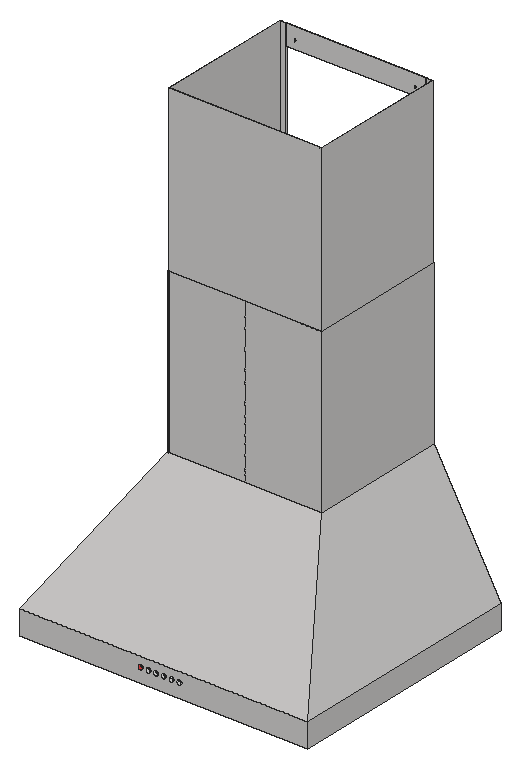
Revit family "FP_Revit_18_HC24PCX1_Rangehood_90001874A", category Specialty Equipment, Revit 2018
Family settings
  Round Connector Dimension = Use Diameter
  Part Type = Normal
  OmniClass Number = 23.40.40.00
  OmniClass Title = Food Service Equipment and Furnishings
  Work Plane-Based = No
  Always vertical = Yes
  Cut with Voids When Loaded = Yes
  Shared = No
  Room Calculation Point = No
Parameters (values of type "HC24PCX1")
  Visibility - Upper Chimney Extension [instance] = yes
  URL = "www.fisherpaykel.com"
  Product - Width = 598 mm  # constant formula
  Product - Height (636mm - 975mm) Ducted [instance] = 975 mm
  Product - Depth = 500 mm  # constant formula
  Model = "HC24PCX1"
  Material - Buttons and Dials = Fisher & Paykel - Steel, Chrome Plated
  Material - Body = Fisher & Paykel - Stainless Steel
  Manufacturer = "Fisher & Paykel Appliances"
  FFL Offset [instance] = 1565 mm
  Description = "24\" Rangehood"
  Connector Description - Extraction = "6” (152 mm) diameter, rigid or semi-rigid ducting, 600 CFM"
  Connector Description - Electrical = "120 V, 60 Hz"
  Chassis - Width = 320 mm  # constant formula
  Chassis - Height = 298 mm  # constant formula
  Chassis - Depth = 290 mm  # constant formula
Reference planes
  plane 1 "Datum": y = 0
  plane 2: z = 0
  plane 3 "Center (Left/Right)": x = 0
  plane 4 "Product - Height": z = 2540
  plane 5 "Product LHS": x = -299
  plane 6 "Product RHS": x = 299
  plane 7 "Product - Depth": y = -500
  plane 8 "Cavity LHS": x = -160
  plane 9 "Cavity RHS": x = 160
  plane 10 "Chassis - Depth": y = -290
  plane 11 "FFL Offset": z = 1565
  plane 12 "Chassis - Height": z = 1863
Forms (mm)
  Extrusion 1, solid, material "Fisher & Paykel - Stainless Steel" <- "Material - Body"
    sketch origin (0, 0, 0) x (1, 0, 0) y (0, 1, 0)
      loop
        line (-145, 0) -> (-160, 0) -> (-160, -290) -> (0, -290) -> (160, -290) -> (160, 0) -> (145, 0) -> (145, -1) -> (159, -1) -> (159, -289) -> (-159, -289) -> (-159, -1) -> (-145, -1) -> (-145, 0)
    from 1863 to 2200
  Extrusion 2, solid, material "Fisher & Paykel - Stainless Steel" <- "Material - Body", visible <- "Visibility - Upper Chimney Extension"
    sketch origin (0, 0, 0) x (1, 0, 0) y (0, 1, 0)
      loop
        line (-158, -2) -> (-145, -2) -> (-145, -1) -> (-159, -1) -> (-159, -289) -> (159, -289) -> (159, -1) -> (145, -1) -> (145, -2) -> (158, -2) -> (158, -288.044) -> (-158, -288.044) -> (-158, -2)
    from 2190 to 2540
  Extrusion 3, solid, material "Fisher & Paykel - Stainless Steel" <- "Material - Body"
    sketch origin (0, 0, 0) x (1, 0, 0) y (0, 1, 0)
      loop
        circle (0, -87.6) r 75
      loop
        circle (0, -87.6) r 74
    from 1850 to 1897.007
  Extrusion 4, solid, material "Fisher & Paykel - Stainless Steel" <- "Material - Body", visible <- "Visibility - Upper Chimney Extension"
    sketch origin (0, 0, 7) x (1, 0, 0) y (0, 0, 1)
      loop
        line (-145, 2491.596) -> (145, 2491.596) -> (145, 2533) -> (-145, 2533) -> (-145, 2491.596)
      loop
        circle (125, 2508) r 2.5
      loop
        circle (-125, 2508) r 2.5
    from 0 to 2
  Extrusion 5, solid, material "Fisher & Paykel - Steel, Chrome Plated" <- "Material - Buttons and Dials", detail levels fine
    sketch origin (0, 0, 565) x (1, 0, 0) y (0, 0, 1)
      loop
        circle (-32, 1029.1) r 3.958
      loop
        circle (-16, 1029.1) r 3.958
      loop
        circle (0, 1029.1) r 3.958
      loop
        circle (16, 1029.1) r 3.958
      loop
        circle (32, 1029.1) r 3.958
    from 501 to 500
  Extrusion 6, void
    sketch origin (0, 0, 0) x (1, 0, 0) y (0, 1, 0)
      loop
        line (-285.2, -479.9) -> (285.2, -479.9) -> (285.2, -89.9) -> (-285.2, -89.9) -> (-285.2, -479.9)
      loop
        circle (-207.5, -42) r 25
      loop
        circle (207.5, -42) r 25
    from 1565 to 1574
  Extrusion 7, solid, material "Fisher & Paykel - Stainless Steel" <- "Material - Body", detail levels fine
    sketch origin (0, 0, 0) x (1, 0, 0) y (0, 1, 0)
      loop
        line (0.5, -89.9) -> (0.5, -479.9) -> (285.2, -479.9) -> (285.2, -89.9) -> (0.5, -89.9)
      loop
        line (275.525, -469.9) -> (275.525, -99.9) -> (10.175, -99.9) -> (10.175, -469.9) -> (110.35, -469.9) -> (110.35, -409.9) -> (175.35, -409.9) -> (175.35, -469.9) -> (275.525, -469.9)
      loop
        line (127.25, -428.3) -> (127.25, -468.3) -> (158.45, -468.3) -> (158.45, -428.3) -> (127.25, -428.3)
      loop
        line (132.45, -433.5) -> (132.45, -463.1) -> (153.25, -463.1) -> (153.25, -433.5) -> (132.45, -433.5)
      loop
        line (132.65, -442.6) -> (132.65, -462.9) -> (153.05, -462.9) -> (153.05, -442.6) -> (132.65, -442.6)
      loop
        line (126.25, -427.3) -> (126.25, -469.3) -> (159.45, -469.3) -> (159.45, -427.3) -> (126.25, -427.3)
      loop
        line (-0.5, -89.9) -> (-285.2, -89.9) -> (-285.2, -479.9) -> (-0.5, -479.9) -> (-0.5, -89.9)
      loop
        line (-275.525, -469.9) -> (-175.35, -469.9) -> (-175.35, -409.9) -> (-110.35, -409.9) -> (-110.35, -469.9) -> (-10.175, -469.9) -> (-10.175, -99.9) -> (-275.525, -99.9) -> (-275.525, -469.9)
      loop
        line (-127.25, -428.3) -> (-158.45, -428.3) -> (-158.45, -468.3) -> (-127.25, -468.3) -> (-127.25, -428.3)
      loop
        line (-132.45, -433.5) -> (-153.25, -433.5) -> (-153.25, -463.1) -> (-132.45, -463.1) -> (-132.45, -433.5)
      loop
        line (-132.65, -442.6) -> (-153.05, -442.6) -> (-153.05, -462.9) -> (-132.65, -462.9) -> (-132.65, -442.6)
      loop
        line (-126.25, -427.3) -> (-159.45, -427.3) -> (-159.45, -469.3) -> (-126.25, -469.3) -> (-126.25, -427.3)
    from 1566 to 1574
  Extrusion 8, solid, material "Fisher & Paykel - Aluminium", detail levels medium+fine
    sketch origin (0, 0, 0) x (1, 0, 0) y (0, 1, 0)
      loop
        line (10.175, -99.9) -> (10.175, -469.9) -> (110.35, -469.9) -> (110.35, -409.9) -> (175.35, -409.9) -> (175.35, -469.9) -> (275.525, -469.9) -> (275.525, -99.9) -> (10.175, -99.9)
      loop
        line (-10.175, -99.9) -> (-275.525, -99.9) -> (-275.525, -469.9) -> (-175.35, -469.9) -> (-175.35, -409.9) -> (-110.35, -409.9) -> (-110.35, -469.9) -> (-10.175, -469.9) -> (-10.175, -99.9)
    from 1566 to 1574
  Extrusion 9, void
    sketch origin (0, 0, 0) x (1, 0, 0) y (0, 0, 1)
      loop
        line (-299, 1863) -> (-299, 1615) -> (-160, 1863) -> (-299, 1863)
      loop
        line (299, 1863) -> (160, 1863) -> (299, 1615) -> (299, 1863)
    from 0 to 500
  Extrusion 10, solid, material "Fisher & Paykel - Stainless Steel" <- "Material - Body"
    sketch origin (0, 0, 0) x (0, 1, 0) y (0, 0, 1)
      loop
        line (-500, 1565) -> (0, 1565) -> (0, 1863) -> (-290, 1863) -> (-500, 1615) -> (-500, 1565)
    from -299 to 299
  Extrusion 11, solid, material "Fisher & Paykel - Stainless Steel" <- "Material - Body", detail levels medium+fine
    sketch origin (0, 0, 0) x (1, 0, 0) y (0, 1, 0)
      loop
        circle (90.933, -33) r 3
    from 1897.007 to 1850
  Extrusion 12, solid, material "Fisher & Paykel - Steel, Chrome Plated" <- "Material - Buttons and Dials", detail levels medium+fine
    sketch origin (0, 0, 0) x (1, 0, 0) y (0, 1, 0)
      loop
        circle (-207.5, -42) r 25
      loop
        circle (-207.5, -42) r 22
      loop
        circle (207.5, -42) r 25
      loop
        circle (207.5, -42) r 22
    from 1565 to 1574
  Extrusion 13, solid, material "Fisher & Paykel - White Bezel", detail levels fine
    sketch origin (0, 0, 0) x (1, 0, 0) y (0, 1, 0)
      loop
        circle (-207.5, -42) r 22
      loop
        circle (207.5, -42) r 22
    from 1565 to 1574
  Extrusion 14, void
    sketch origin (0, 0, 0) x (1, 0, 0) y (0, 0, 1)
      loop
        circle (254, 1612) r 2.5
      loop
        circle (125, 1859) r 2.5
      loop
        circle (-254, 1610) r 2.5
      loop
        circle (-125, 1859) r 2.5
    from 0 to 7
  Extrusion 15, solid, material "Fisher & Paykel - Stainless Steel" <- "Material - Body"
    sketch origin (0, 0, 0) x (1, 0, 0) y (0, 0, 1)
      loop
        line (-145, 2183) -> (-145, 2143) -> (145, 2143) -> (145, 2183) -> (-145, 2183)
      loop
        circle (125, 2161) r 2.5
      loop
        circle (-125, 2161) r 2.5
    from 0 to 2
  Extrusion 16, void
    sketch origin (0, 0, 0) x (1, 0, 0) y (0, 1, 0)
      loop
        line (-159, -289) -> (159, -289) -> (159, -2) -> (-159, -2) -> (-159, -289)
    from 1850 to 1863
  Extrusion 17, solid, material "Fisher & Paykel - Bezel Red", detail levels fine
    sketch origin (0, 0, 0) x (1, 0, 0) y (0, 0, 1)
      loop
        circle (-48, 1594.1) r 4.044
    from 500 to 501
Cuts and joins
  Extrusion 6, Extrusion 9, Extrusion 14, Extrusion 16 cuts Extrusion 10
  joined: Extrusion 1, Extrusion 10
  Extrusion 14 cuts Extrusion 4
  Extrusion 14 cuts Extrusion 15
Text (mm)
  text "Due to ongoing product development, product details are subject to change without notice. \nPlease always refer to www.fisherpaykel.com for the most current product information. \n© Fisher & Paykel 2020" at (41.04, -1225.549, 0), in view "Ref. Level (Plan)"
Dimensions and locks
  equal spacing: plane 5 "Product LHS", plane 3 "Center (Left/Right)", plane 6 "Product RHS"
  equal spacing: plane 8 "Cavity LHS", plane 3 "Center (Left/Right)", plane 9 "Cavity RHS"
  "Chassis - Width": plane 8 "Cavity LHS" to plane 9 "Cavity RHS"
  locked: Extrusion 1 sketch curve to Extrusion 1 sketch curve at 1  (x3)
  "FFL Offset": plane 11 "FFL Offset" to level
  "Product - Height (636mm - 975mm) Ducted": plane 4 "Product - Height" to plane 11 "FFL Offset"
  locked: Extrusion 8 to plane 11 "FFL Offset" at 9
  locked: Extrusion 7 to plane 11 "FFL Offset" at 1
  locked: Extrusion 1 to plane 11 "FFL Offset" at 635
  "Chassis - Depth": plane 10 "Chassis - Depth" to plane 1 "Datum"
  "Product - Width": plane 5 "Product LHS" to plane 6 "Product RHS"
  "Product - Depth": plane 1 "Datum" to plane 7 "Product - Depth"
  "Chassis - Height": plane 12 "Chassis - Height" to plane 11 "FFL Offset"
  locked: plane 11 "FFL Offset" to Extrusion 14 sketch curve at 294
  locked: plane 4 "Product - Height" to Extrusion 2 at 350
  locked: Extrusion 3 to plane 11 "FFL Offset" at 332.007
  locked: plane 11 "FFL Offset" to cut or joined group of Extrusion 1, Extrusion 6, Extrusion 9, Extrusion 10, Extrusion 14, Extrusion 16 at 285
  locked: plane 11 "FFL Offset" to cut or joined group of Extrusion 14, Extrusion 15 at 596
  locked: plane 11 "FFL Offset" to cut or joined group of Extrusion 14, Extrusion 15 at 618
  locked: plane 11 "FFL Offset" to cut or joined group of Extrusion 14, Extrusion 15 at 578
  cut or joined group of Extrusion 4, Extrusion 14 to plane 4 "Product - Height" = 41.404 mm
  locked: cut or joined group of Extrusion 4, Extrusion 14 to plane 4 "Product - Height" at 25
  locked: plane 11 "FFL Offset" to cut or joined group of Extrusion 1, Extrusion 6, Extrusion 9, Extrusion 10, Extrusion 14, Extrusion 16 at 294
  locked: plane 11 "FFL Offset" to Extrusion 14 sketch curve at 47
  locked: plane 11 "FFL Offset" to cut or joined group of Extrusion 1, Extrusion 6, Extrusion 9, Extrusion 10, Extrusion 14, Extrusion 16 at 47
  locked: Extrusion 7 sketch curve to plane 3 "Center (Left/Right)" at 285.2
  locked: plane 3 "Center (Left/Right)" to Extrusion 7 sketch curve at 285.2
  aligned and locked: level to plane 2
  aligned and locked: Extrusion 1 sketch curve to plane 8 "Cavity LHS"
  aligned and locked: plane 9 "Cavity RHS" to Extrusion 1 sketch curve
  aligned and locked: plane 10 "Chassis - Depth" to Extrusion 1 sketch curve
  aligned and locked: plane 4 "Product - Height" to Extrusion 2
  aligned and locked: Extrusion 10 to plane 6 "Product RHS"
  aligned and locked: plane 5 "Product LHS" to Extrusion 10
  aligned and locked: Extrusion 7 to Extrusion 8  (x2)
  aligned and locked: Extrusion 6 to Extrusion 7
  aligned and locked: cut or joined group of Extrusion 1, Extrusion 6, Extrusion 9, Extrusion 10, Extrusion 14, Extrusion 16 to plane 11 "FFL Offset"
  aligned and locked: Extrusion 12 to Extrusion 7
  aligned and locked: Extrusion 13 to Extrusion 7
  aligned and locked: Extrusion 13 to plane 11 "FFL Offset"
  aligned and locked: Extrusion 12 to plane 11 "FFL Offset"
  aligned and locked: plane 4 "Product - Height" to Extrusion 4
  aligned and locked: Extrusion 1 to plane 12 "Chassis - Height"
  aligned and locked: plane 7 "Product - Depth" to Extrusion 5
  aligned and locked: plane 7 "Product - Depth" to Extrusion 17
  aligned and locked: Extrusion 16 to Extrusion 1
  aligned and locked: cut or joined group of Extrusion 1, Extrusion 6, Extrusion 9, Extrusion 10, Extrusion 14, Extrusion 16 to Extrusion 3
  aligned and locked: Extrusion 3 to Extrusion 11
  aligned and locked: cut or joined group of Extrusion 1, Extrusion 6, Extrusion 9, Extrusion 10, Extrusion 14, Extrusion 16 to Extrusion 11
  aligned and locked: cut or joined group of Extrusion 4, Extrusion 14 to Extrusion 2
  aligned and locked: cut or joined group of Extrusion 14, Extrusion 15 to Extrusion 2
  aligned and locked: Extrusion 8 sketch curve to Extrusion 7  (x2)
Automatic sketch dimensions
  Extrusion 2 sketch curve to plane 8 "Cavity LHS" = 1 mm
  Extrusion 2 sketch curve to Extrusion 2 sketch curve = 1 mm
  plane 1 "Datum" to Extrusion 2 sketch curve = 2 mm  (x2)
  Extrusion 2 sketch curve to Extrusion 2 sketch curve = 13 mm
  plane 9 "Cavity RHS" to Extrusion 2 sketch curve = 15 mm
  plane 9 "Cavity RHS" to Extrusion 2 sketch curve = 2 mm
  plane 9 "Cavity RHS" to Extrusion 2 sketch curve = 1 mm
  plane 10 "Chassis - Depth" to Extrusion 2 sketch curve = 1.956 mm
  plane 10 "Chassis - Depth" to Extrusion 2 sketch curve = 1 mm
  plane 1 "Datum" to Extrusion 2 sketch curve = 1 mm  (x2)
  Extrusion 4 sketch curve to plane 4 "Product - Height" = 0 mm
  Extrusion 4 sketch curve to plane 8 "Cavity LHS" = 15 mm
  Extrusion 4 sketch curve to plane 8 "Cavity LHS" = 35 mm
  plane 9 "Cavity RHS" to Extrusion 4 sketch curve = 35 mm
  plane 9 "Cavity RHS" to Extrusion 4 sketch curve = 15 mm
  Extrusion 4 sketch curve to plane 4 "Product - Height" = 25 mm  (x2)
  Extrusion 4 sketch curve to Extrusion 4 sketch curve = 16.404 mm
  Extrusion 6 sketch curve to plane 5 "Product LHS" = 13.8 mm
  plane 8 "Cavity LHS" to Extrusion 6 sketch curve = 47.5 mm
  plane 6 "Product RHS" to Extrusion 6 sketch curve = 13.8 mm
  plane 7 "Product - Depth" to Extrusion 6 sketch curve = 20.1 mm
  plane 1 "Datum" to Extrusion 6 sketch curve = 89.9 mm
  plane 1 "Datum" to Extrusion 6 sketch curve = 42 mm  (x2)
  plane 9 "Cavity RHS" to Extrusion 11 sketch curve = 69.067 mm
  plane 10 "Chassis - Depth" to Extrusion 11 sketch curve = 257 mm
  Extrusion 12 sketch curve to Extrusion 12 sketch curve = 0 mm  (x4)
  plane 8 "Cavity LHS" to Extrusion 12 sketch curve = 47.5 mm
  Extrusion 12 sketch curve to plane 9 "Cavity RHS" = 47.5 mm
  plane 1 "Datum" to Extrusion 12 sketch curve = 42 mm  (x2)
  plane 8 "Cavity LHS" to Extrusion 13 sketch curve = 47.5 mm
  Extrusion 13 sketch curve to plane 9 "Cavity RHS" = 47.5 mm
  plane 1 "Datum" to Extrusion 13 sketch curve = 42 mm  (x2)
  plane 11 "FFL Offset" to Extrusion 14 sketch curve = 45 mm
  plane 8 "Cavity LHS" to Extrusion 14 sketch curve = 94 mm
  Extrusion 14 sketch curve to plane 12 "Chassis - Height" = 4 mm
  Extrusion 14 sketch curve to plane 8 "Cavity LHS" = 35 mm
  plane 9 "Cavity RHS" to Extrusion 14 sketch curve = 35 mm
  Extrusion 14 sketch curve to plane 9 "Cavity RHS" = 94 mm
  Extrusion 15 sketch curve to plane 8 "Cavity LHS" = 15 mm
  Extrusion 15 sketch curve to plane 8 "Cavity LHS" = 35 mm
  plane 9 "Cavity RHS" to Extrusion 15 sketch curve = 35 mm
  plane 9 "Cavity RHS" to Extrusion 15 sketch curve = 15 mm
  plane 12 "Chassis - Height" to Extrusion 15 sketch curve = 280 mm
  Extrusion 15 sketch curve to Extrusion 15 sketch curve = 18 mm  (x2)
  Extrusion 15 sketch curve to Extrusion 15 sketch curve = 22 mm
  plane 1 "Datum" to Extrusion 1 sketch curve = 0 mm  (x2)
  Extrusion 1 sketch curve to plane 3 "Center (Left/Right)" = 0 mm
  plane 1 "Datum" to Extrusion 1 sketch curve = 1 mm  (x2)
  Extrusion 1 sketch curve to Extrusion 1 sketch curve = 14 mm  (x2)
  Extrusion 10 sketch curve to plane 7 "Product - Depth" = 0 mm
  Extrusion 10 sketch curve to plane 12 "Chassis - Height" = 0 mm
  Extrusion 10 sketch curve to plane 10 "Chassis - Depth" = 0 mm
  Extrusion 10 sketch curve to plane 1 "Datum" = 0 mm
  Extrusion 10 sketch curve to plane 11 "FFL Offset" = 0 mm
  Extrusion 10 sketch curve to Extrusion 10 sketch curve = 50 mm
  plane 5 "Product LHS" to Extrusion 9 sketch curve = 0 mm
  plane 8 "Cavity LHS" to Extrusion 9 sketch curve = 0 mm
  plane 9 "Cavity RHS" to Extrusion 9 sketch curve = 0 mm
  plane 6 "Product RHS" to Extrusion 9 sketch curve = 0 mm
  Extrusion 9 sketch curve to plane 12 "Chassis - Height" = 0 mm  (x2)
  plane 11 "FFL Offset" to Extrusion 9 sketch curve = 50 mm  (x2)
  Extrusion 5 sketch curve to plane 3 "Center (Left/Right)" = 0 mm
  Extrusion 5 sketch curve to plane 3 "Center (Left/Right)" = 16 mm
  Extrusion 5 sketch curve to Extrusion 5 sketch curve = 16 mm  (x3)
  plane 11 "FFL Offset" to Extrusion 5 sketch curve = 29.1 mm
  Extrusion 5 sketch curve to Extrusion 5 sketch curve = 0 mm  (x4)
  Extrusion 17 sketch curve to plane 3 "Center (Left/Right)" = 48 mm
  plane 11 "FFL Offset" to Extrusion 17 sketch curve = 29.1 mm
  Extrusion 3 sketch curve to Extrusion 3 sketch curve = 0 mm  (x2)
  plane 1 "Datum" to Extrusion 3 sketch curve = 87.6 mm
  plane 6 "Product RHS" to Extrusion 3 sketch curve = 299 mm
  plane 1 "Datum" to Extrusion 16 sketch curve = 2 mm
  Extrusion 16 sketch curve to plane 8 "Cavity LHS" = 1 mm
  plane 9 "Cavity RHS" to Extrusion 16 sketch curve = 1 mm
  plane 10 "Chassis - Depth" to Extrusion 16 sketch curve = 1 mm
  plane 7 "Product - Depth" to Extrusion 7 sketch curve = 20.1 mm
  Extrusion 7 sketch curve to Extrusion 7 sketch curve = 9.675 mm  (x2)
  plane 8 "Cavity LHS" to Extrusion 7 sketch curve = 15.35 mm
  Extrusion 7 sketch curve to plane 8 "Cavity LHS" = 0.55 mm
  Extrusion 7 sketch curve to Extrusion 7 sketch curve = 1 mm  (x7)
  Extrusion 7 sketch curve to plane 8 "Cavity LHS" = 6.75 mm
  Extrusion 7 sketch curve to plane 8 "Cavity LHS" = 6.95 mm
  Extrusion 7 sketch curve to Extrusion 7 sketch curve = 20.4 mm
  Extrusion 7 sketch curve to Extrusion 7 sketch curve = 0.2 mm  (x4)
  Extrusion 7 sketch curve to Extrusion 7 sketch curve = 5.2 mm  (x6)
  Extrusion 7 sketch curve to Extrusion 7 sketch curve = 15.9 mm  (x2)
  Extrusion 7 sketch curve to plane 3 "Center (Left/Right)" = 10.175 mm
  Extrusion 7 sketch curve to plane 3 "Center (Left/Right)" = 0.5 mm
  plane 3 "Center (Left/Right)" to Extrusion 7 sketch curve = 0.5 mm
  plane 3 "Center (Left/Right)" to Extrusion 7 sketch curve = 10.175 mm
  plane 9 "Cavity RHS" to Extrusion 7 sketch curve = 49.65 mm
  plane 9 "Cavity RHS" to Extrusion 7 sketch curve = 6.95 mm
  plane 9 "Cavity RHS" to Extrusion 7 sketch curve = 6.75 mm
  plane 9 "Cavity RHS" to Extrusion 7 sketch curve = 1.55 mm
  plane 9 "Cavity RHS" to Extrusion 7 sketch curve = 0.55 mm
  Extrusion 7 sketch curve to plane 9 "Cavity RHS" = 15.35 mm
  Extrusion 7 sketch curve to Extrusion 7 sketch curve = 0 mm
  Extrusion 7 sketch curve to Extrusion 7 sketch curve = 10 mm  (x6)
  Extrusion 7 sketch curve to Extrusion 7 sketch curve = 0.6 mm  (x2)
  Extrusion 7 sketch curve to Extrusion 7 sketch curve = 20.3 mm  (x2)
  Extrusion 7 sketch curve to Extrusion 7 sketch curve = 9.1 mm  (x2)
  Extrusion 7 sketch curve to Extrusion 7 sketch curve = 17.4 mm  (x2)
  plane 1 "Datum" to Extrusion 7 sketch curve = 99.9 mm  (x2)
  plane 8 "Cavity LHS" to Extrusion 8 sketch curve = 15.35 mm
  Extrusion 8 sketch curve to plane 8 "Cavity LHS" = 49.65 mm
  Extrusion 8 sketch curve to plane 3 "Center (Left/Right)" = 10.175 mm
  plane 3 "Center (Left/Right)" to Extrusion 8 sketch curve = 10.175 mm
  plane 9 "Cavity RHS" to Extrusion 8 sketch curve = 49.65 mm
  Extrusion 8 sketch curve to plane 9 "Cavity RHS" = 15.35 mm
  plane 7 "Product - Depth" to Extrusion 8 sketch curve = 30.1 mm  (x4)
  Extrusion 8 sketch curve to Extrusion 8 sketch curve = 60 mm  (x2)
  plane 1 "Datum" to Extrusion 8 sketch curve = 99.9 mm
  Extrusion 8 sketch curve to Extrusion 8 sketch curve = 0 mm
  Extrusion 6 sketch curve to plane 9 "Cavity RHS" = 47.5 mm
  radius of Extrusion 4 sketch curve = 2.5 mm  (x2)
  radius of Extrusion 6 sketch curve = 25 mm  (x2)
  radius of Extrusion 11 sketch curve = 3 mm
  radius of Extrusion 12 sketch curve = 25 mm  (x2)
  radius of Extrusion 12 sketch curve = 22 mm  (x2)
  radius of Extrusion 13 sketch curve = 22 mm  (x2)
  radius of Extrusion 14 sketch curve = 2.5 mm  (x4)
  radius of Extrusion 15 sketch curve = 2.5 mm  (x2)
  radius of Extrusion 5 sketch curve = 3.958 mm  (x5)
  radius of Extrusion 17 sketch curve = 4.044 mm
  radius of Extrusion 3 sketch curve = 75 mm
  radius of Extrusion 3 sketch curve = 74 mm
Connectors
  hvac at (0, -87.6, 1897.007), driven by "Connector Description - Extraction"
    settings: on Extrusion 3, index 1, duct flow 0.0 L/s, flow factor 0, pres drop 0.0 Pa, loss coef 0, conn angle 0.00°, conn width 304.8 mm, conn height 304.8 mm, conn diameter 150 mm, duct sys type 4, conn prof type 0, flow config 0, flow direction 2, loss method 0, conn ref index -1, conn util no, is conn primary yes, conn desc "6” (152 mm) diameter, rigid or semi-rigid ducting, 600 CFM"
  electrical at (90.933, -33, 1850), driven by "Connector Description - Electrical"
    settings: on Extrusion 11, index 2, voltage 120 V, apparent load 0 VA, apparent load phase1 0 VA, apparent load phase2 0 VA, apparent load phase3 0 VA, power factor 1, load classification "Other", number of poles 1, system type 30, power factor state 1, is connector primary yes, connector utility no, sub classification motor no, connector description "120 V, 60 Hz"
